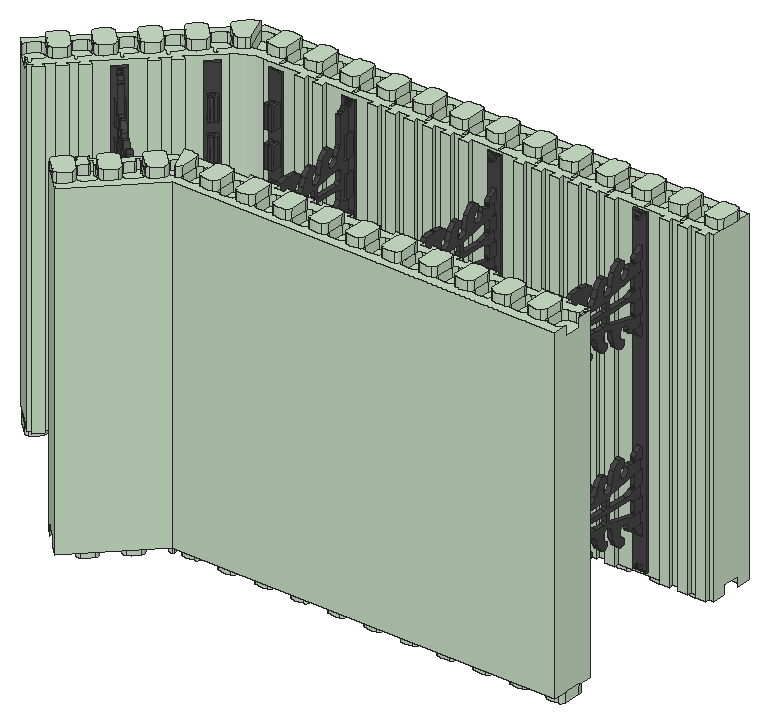
Revit family "ICF- NUDURA 8-inch- 45 Degree Form Unit- Imperial", category Generic Models, Revit 2011 (continued)
Definition of nested family "8-inch Web"
  Forms (in)
    Extrusion 1, solid, material "Polypropylene"
      sketch origin (0, 0, -0.5) x (0, 1, 0) y (0, 0, 1)
        loop
          arc (-0.06182, 12.38886) -> (-0.03091, 12.38893) -> (0, 12.38954) r 1.75402
          arc (0, 12.38954) -> (0.03091, 12.38893) -> (0.06182, 12.38886) r 1.75402
          arc (0.06182, 12.38886) -> (0.30102, 12.40366) -> (0.53596, 12.45092) r 1.75402
          arc (0.53596, 12.45092) -> (0.73529, 12.69795) -> (0.55907, 12.96196) r 0.26801
          arc (0.55907, 12.96196) -> (0.48493, 13.48968) -> (0.99061, 13.32155) r 0.31353
          line (0.99061, 13.32155) -> (1.13325, 12.93471)
          arc (1.13325, 12.93471) -> (1.27447, 12.72144) -> (1.47916, 12.56805) r 0.74993
          arc (1.47916, 12.56805) -> (1.7612, 12.66395) -> (1.68267, 12.95131) r 0.21738
          arc (1.68267, 12.95131) -> (1.64814, 13.4949) -> (2.13361, 13.24792) r 0.31353
          arc (2.13361, 13.24792) -> (2.18004, 12.92936) -> (2.26931, 12.62005) r 2.36477
          arc (2.26931, 12.62005) -> (2.42388, 12.38359) -> (2.66153, 12.23085) r 0.67666
          arc (2.66153, 12.23085) -> (2.94751, 12.3534) -> (2.82496, 12.63938) r 0.22
          arc (2.82496, 12.63938) -> (2.80729, 13.20461) -> (3.25886, 12.86419) r 0.31353
          arc (3.25886, 12.86419) -> (3.28181, 12.76256) -> (3.38367, 12.74066) r 0.09677
          arc (3.38367, 12.74066) -> (3.54907, 12.79485) -> (3.72137, 12.81946) r 0.99729
          line (3.72137, 12.81946) -> (3.83556, 12.81946) -> (3.83556, 12.74943) -> (3.77832, 12.74943)
          arc (3.77832, 12.74943) -> (3.73413, 12.73112) -> (3.71582, 12.68693) r 0.0625
          line (3.71582, 12.68693) -> (3.71582, 12.61943)
          arc (3.71582, 12.61943) -> (3.7617, 12.47509) -> (3.88249, 12.38373) r 0.25
          arc (3.88249, 12.38373) -> (4.01183, 12.31528) -> (4.11582, 12.21232) r 0.5
          line (4.11582, 12.21232) -> (4.185, 12.21232) -> (4.185, 12.81193)
          arc (4.185, 12.81193) -> (4.16669, 12.76774) -> (4.1225, 12.74943) r 0.0625
          line (4.1225, 12.74943) -> (3.91022, 12.74943) -> (3.91022, 12.81946) -> (4.02082, 12.81946) -> (4.02082, 13.31943) -> (3.91022, 13.31943) -> (3.91022, 13.38943) -> (4.1225, 13.38943)
          arc (4.1225, 13.38943) -> (4.16669, 13.37112) -> (4.185, 13.32693) r 0.0625
          line (4.185, 13.32693) -> (4.185, 14.11193)
          arc (4.185, 14.11193) -> (4.16669, 14.06774) -> (4.1225, 14.04943) r 0.0625
          line (4.1225, 14.04943) -> (3.91022, 14.04943) -> (3.91022, 14.11943) -> (4.02082, 14.11943) -> (4.02082, 14.61943) -> (3.91022, 14.61943) -> (3.91022, 14.68943) -> (4.1225, 14.68943)
          arc (4.1225, 14.68943) -> (4.16669, 14.67112) -> (4.185, 14.62693) r 0.0625
          line (4.185, 14.62693) -> (4.185, 15.41193)
          arc (4.185, 15.41193) -> (4.16669, 15.36774) -> (4.1225, 15.34943) r 0.0625
          line (4.1225, 15.34943) -> (3.91022, 15.34943) -> (3.91022, 15.41943) -> (4.02082, 15.41943)
        loop
          arc (3.61722, 14.5911) -> (3.66725, 14.61172) -> (3.72082, 14.61943) r 0.21872
          line (3.72082, 14.61943) -> (3.83556, 14.61943) -> (3.83556, 14.68943) -> (3.77832, 14.68943)
          arc (3.77832, 14.68943) -> (3.73413, 14.70774) -> (3.71582, 14.75193) r 0.0625
          line (3.71582, 14.75193) -> (3.71582, 15.28693)
          arc (3.71582, 15.28693) -> (3.73413, 15.33112) -> (3.77832, 15.34943) r 0.0625
          line (3.77832, 15.34943) -> (3.83556, 15.34943) -> (3.83556, 15.41943) -> (3.72082, 15.41943)
          arc (3.72082, 15.41943) -> (2.8612, 15.22018) -> (1.99577, 15.04787) r 28.25303
          arc (1.99577, 15.04787) -> (1.93696, 15.01354) -> (1.91377, 14.9495) r 0.1
          line (1.91377, 14.9495) -> (1.91377, 14.56474)
          arc (1.91377, 14.56474) -> (1.94303, 14.49405) -> (2.0137, 14.46474) r 0.1
          line (2.0137, 14.46474) -> (3.1681, 14.46396)
          arc (3.1681, 14.46396) -> (3.39912, 14.5047) -> (3.61722, 14.5911) r 1.15974
        loop
          line (3.72082, 13.31943) -> (3.83556, 13.31943) -> (3.83556, 13.38943) -> (3.77832, 13.38943)
          arc (3.77832, 13.38943) -> (3.73413, 13.40774) -> (3.71582, 13.45193) r 0.0625
          line (3.71582, 13.45193) -> (3.71582, 13.98693)
          arc (3.71582, 13.98693) -> (3.73413, 14.03112) -> (3.77832, 14.04943) r 0.0625
          line (3.77832, 14.04943) -> (3.83556, 14.04943) -> (3.83556, 14.11943) -> (3.72082, 14.11943)
          arc (3.72082, 14.11943) -> (3.66725, 14.12714) -> (3.61722, 14.14776) r 0.21872
          arc (3.61722, 14.14776) -> (3.39912, 14.23416) -> (3.1681, 14.2749) r 1.15974
          line (3.1681, 14.2749) -> (2.0137, 14.2749)
          arc (2.0137, 14.2749) -> (1.94303, 14.24481) -> (1.91377, 14.17412) r 0.1
          line (1.91377, 14.17412) -> (1.91377, 13.78936)
          arc (1.91377, 13.78936) -> (1.93696, 13.72532) -> (1.99577, 13.69099) r 0.1
          arc (1.99577, 13.69099) -> (2.8612, 13.51868) -> (3.72082, 13.31943) r 28.25303
        loop
          line (4.185, 18.01497) -> (4.185, 18.26376)
          arc (4.185, 18.26376) -> (4.18086, 18.24855) -> (4.16957, 18.23754) r 0.03
          line (4.16957, 18.23754) -> (4.00043, 18.14357)
          arc (4.00043, 18.14357) -> (3.98914, 18.13256) -> (3.985, 18.11735) r 0.03
          line (3.985, 18.11735) -> (3.985, 18.04614)
          arc (3.985, 18.04614) -> (3.99126, 18.03161) -> (4.00611, 18.02617) r 0.02
          line (4.00611, 18.02617) -> (4.16389, 18.03494)
          arc (4.16389, 18.03494) -> (4.17874, 18.0295) -> (4.185, 18.01497) r 0.02
        loop
          arc (-4.185, 18.01497) -> (-4.17874, 18.0295) -> (-4.16389, 18.03494) r 0.02
          line (-4.16389, 18.03494) -> (-4.00611, 18.02617)
          arc (-4.00611, 18.02617) -> (-3.99126, 18.03161) -> (-3.985, 18.04614) r 0.02
          line (-3.985, 18.04614) -> (-3.985, 18.11735)
          arc (-3.985, 18.11735) -> (-3.98914, 18.13256) -> (-4.00043, 18.14357) r 0.03
          line (-4.00043, 18.14357) -> (-4.16957, 18.23754)
          arc (-4.16957, 18.23754) -> (-4.18086, 18.24855) -> (-4.185, 18.26376) r 0.03
          line (-4.185, 18.26376) -> (-4.185, 18.01497)
        loop
          arc (1.64262, 14.9857) -> (1.3631, 14.94624) -> (1.0811, 14.93338) r 2.98393
          line (1.0811, 14.93338) -> (0.43422, 14.93338)
          arc (0.43422, 14.93338) -> (0.1999, 14.69906) -> (0.43422, 14.46474) r 0.23432
          line (0.43422, 14.46474) -> (1.66127, 14.46474)
          arc (1.66127, 14.46474) -> (1.73198, 14.49403) -> (1.76127, 14.56474) r 0.1
          line (1.76127, 14.56474) -> (1.76127, 14.88745)
          arc (1.76127, 14.88745) -> (1.72505, 14.96447) -> (1.64262, 14.9857) r 0.1
        loop
          arc (1.64262, 13.75316) -> (1.72505, 13.77439) -> (1.76127, 13.85141) r 0.1
          line (1.76127, 13.85141) -> (1.76127, 14.17412)
          arc (1.76127, 14.17412) -> (1.73198, 14.24483) -> (1.66127, 14.27412) r 0.1
          line (1.66127, 14.27412) -> (0.43422, 14.27412)
          arc (0.43422, 14.27412) -> (0.1999, 14.0398) -> (0.43422, 13.80548) r 0.23432
          line (0.43422, 13.80548) -> (1.0811, 13.80548)
          arc (1.0811, 13.80548) -> (1.3631, 13.79262) -> (1.64262, 13.75316) r 2.98393
        loop
          arc (-3.61722, 14.5911) -> (-3.39912, 14.5047) -> (-3.1681, 14.46396) r 1.15974
          line (-3.1681, 14.46396) -> (-2.0137, 14.46474)
          arc (-2.0137, 14.46474) -> (-1.94303, 14.49405) -> (-1.91377, 14.56474) r 0.1
          line (-1.91377, 14.56474) -> (-1.91377, 14.9495)
          arc (-1.91377, 14.9495) -> (-1.93696, 15.01354) -> (-1.99577, 15.04787) r 0.1
          arc (-1.99577, 15.04787) -> (-2.8612, 15.22018) -> (-3.72082, 15.41943) r 28.25303
          line (-3.72082, 15.41943) -> (-3.83556, 15.41943) -> (-3.83556, 15.34943) -> (-3.77832, 15.34943)
          arc (-3.77832, 15.34943) -> (-3.73413, 15.33112) -> (-3.71582, 15.28693) r 0.0625
          line (-3.71582, 15.28693) -> (-3.71582, 14.75193)
          arc (-3.71582, 14.75193) -> (-3.73413, 14.70774) -> (-3.77832, 14.68943) r 0.0625
          line (-3.77832, 14.68943) -> (-3.83556, 14.68943) -> (-3.83556, 14.61943) -> (-3.72082, 14.61943)
          arc (-3.72082, 14.61943) -> (-3.66725, 14.61172) -> (-3.61722, 14.5911) r 0.21872
        loop
          arc (-3.72082, 13.31943) -> (-2.8612, 13.51868) -> (-1.99577, 13.69099) r 28.25303
          arc (-1.99577, 13.69099) -> (-1.93696, 13.72532) -> (-1.91377, 13.78936) r 0.1
          line (-1.91377, 13.78936) -> (-1.91377, 14.17412)
          arc (-1.91377, 14.17412) -> (-1.94303, 14.24481) -> (-2.0137, 14.2749) r 0.1
          line (-2.0137, 14.2749) -> (-3.1681, 14.2749)
          arc (-3.1681, 14.2749) -> (-3.39912, 14.23416) -> (-3.61722, 14.14776) r 1.15974
          arc (-3.61722, 14.14776) -> (-3.66725, 14.12714) -> (-3.72082, 14.11943) r 0.21872
          line (-3.72082, 14.11943) -> (-3.83556, 14.11943) -> (-3.83556, 14.04943) -> (-3.77832, 14.04943)
          arc (-3.77832, 14.04943) -> (-3.73413, 14.03112) -> (-3.71582, 13.98693) r 0.0625
          line (-3.71582, 13.98693) -> (-3.71582, 13.45193)
          arc (-3.71582, 13.45193) -> (-3.73413, 13.40774) -> (-3.77832, 13.38943) r 0.0625
          line (-3.77832, 13.38943) -> (-3.83556, 13.38943) -> (-3.83556, 13.31943) -> (-3.72082, 13.31943)
        loop
          arc (-1.64262, 14.9857) -> (-1.72505, 14.96447) -> (-1.76127, 14.88745) r 0.1
          line (-1.76127, 14.88745) -> (-1.76127, 14.56474)
          arc (-1.76127, 14.56474) -> (-1.73198, 14.49403) -> (-1.66127, 14.46474) r 0.1
          line (-1.66127, 14.46474) -> (-0.43422, 14.46474)
          arc (-0.43422, 14.46474) -> (-0.1999, 14.69906) -> (-0.43422, 14.93338) r 0.23432
          line (-0.43422, 14.93338) -> (-1.0811, 14.93338)
          arc (-1.0811, 14.93338) -> (-1.3631, 14.94624) -> (-1.64262, 14.9857) r 2.98393
        loop
          arc (-1.64262, 13.75316) -> (-1.3631, 13.79262) -> (-1.0811, 13.80548) r 2.98393
          line (-1.0811, 13.80548) -> (-0.43422, 13.80548)
          arc (-0.43422, 13.80548) -> (-0.1999, 14.0398) -> (-0.43422, 14.27412) r 0.23432
          line (-0.43422, 14.27412) -> (-1.66127, 14.27412)
          arc (-1.66127, 14.27412) -> (-1.73198, 14.24483) -> (-1.76127, 14.17412) r 0.1
          line (-1.76127, 14.17412) -> (-1.76127, 13.85141)
          arc (-1.76127, 13.85141) -> (-1.72505, 13.77439) -> (-1.64262, 13.75316) r 0.1
        loop
          line (4.02082, 3.58057) -> (3.91022, 3.58057) -> (3.91022, 3.65057) -> (4.1225, 3.65057)
          arc (4.1225, 3.65057) -> (4.16669, 3.63226) -> (4.185, 3.58807) r 0.0625
          line (4.185, 3.58807) -> (4.185, 4.37307)
          arc (4.185, 4.37307) -> (4.16669, 4.32888) -> (4.1225, 4.31057) r 0.0625
          line (4.1225, 4.31057) -> (3.91022, 4.31057) -> (3.91022, 4.38057) -> (4.02082, 4.38057) -> (4.02082, 4.88057) -> (3.91022, 4.88057) -> (3.91022, 4.95057) -> (4.1225, 4.95057)
          arc (4.1225, 4.95057) -> (4.16669, 4.93226) -> (4.185, 4.88807) r 0.0625
          line (4.185, 4.88807) -> (4.185, 5.67307)
          arc (4.185, 5.67307) -> (4.16669, 5.62888) -> (4.1225, 5.61057) r 0.0625
          line (4.1225, 5.61057) -> (3.91022, 5.61057) -> (3.91022, 5.68057) -> (4.02082, 5.68057) -> (4.02082, 6.18054) -> (3.91022, 6.18054) -> (3.91022, 6.25057) -> (4.1225, 6.25057)
          arc (4.1225, 6.25057) -> (4.16669, 6.23226) -> (4.185, 6.18807) r 0.0625
          line (4.185, 6.18807) -> (4.185, 6.78768) -> (4.11582, 6.78768)
          arc (4.11582, 6.78768) -> (4.01183, 6.68472) -> (3.88249, 6.61627) r 0.5
          arc (3.88249, 6.61627) -> (3.7617, 6.52491) -> (3.71582, 6.38057) r 0.25
          line (3.71582, 6.38057) -> (3.71582, 6.31307)
          arc (3.71582, 6.31307) -> (3.73413, 6.26888) -> (3.77832, 6.25057) r 0.0625
          line (3.77832, 6.25057) -> (3.83556, 6.25057) -> (3.83556, 6.18054) -> (3.72137, 6.18054)
          arc (3.72137, 6.18054) -> (3.54907, 6.20515) -> (3.38367, 6.25934) r 0.99729
          arc (3.38367, 6.25934) -> (3.28181, 6.23744) -> (3.25886, 6.13581) r 0.09677
          arc (3.25886, 6.13581) -> (2.80729, 5.79539) -> (2.82496, 6.36062) r 0.31353
          arc (2.82496, 6.36062) -> (2.94751, 6.6466) -> (2.66153, 6.76915) r 0.22
          arc (2.66153, 6.76915) -> (2.42388, 6.61641) -> (2.26931, 6.37995) r 0.67666
          arc (2.26931, 6.37995) -> (2.18004, 6.07064) -> (2.13361, 5.75208) r 2.36477
          arc (2.13361, 5.75208) -> (1.64814, 5.5051) -> (1.68267, 6.04869) r 0.31353
          arc (1.68267, 6.04869) -> (1.7612, 6.33605) -> (1.47916, 6.43195) r 0.21738
          arc (1.47916, 6.43195) -> (1.27447, 6.27856) -> (1.13325, 6.06529) r 0.74993
          line (1.13325, 6.06529) -> (0.99061, 5.67845)
          arc (0.99061, 5.67845) -> (0.48493, 5.51032) -> (0.55907, 6.03804) r 0.31353
          arc (0.55907, 6.03804) -> (0.73529, 6.30205) -> (0.53596, 6.54908) r 0.26801
          arc (0.53596, 6.54908) -> (0.30102, 6.59634) -> (0.06182, 6.61114) r 1.75402
          arc (0.06182, 6.61114) -> (0.03091, 6.61107) -> (0, 6.61046) r 1.75402
          arc (0, 6.61046) -> (-0.03091, 6.61107) -> (-0.06182, 6.61114) r 1.75402
          arc (-0.06182, 6.61114) -> (-0.30102, 6.59634) -> (-0.53596, 6.54908) r 1.75402
          arc (-0.53596, 6.54908) -> (-0.73529, 6.30205) -> (-0.55907, 6.03804) r 0.26801
          arc (-0.55907, 6.03804) -> (-0.48493, 5.51032) -> (-0.99061, 5.67845) r 0.31353
          line (-0.99061, 5.67845) -> (-1.13325, 6.06529)
          arc (-1.13325, 6.06529) -> (-1.27447, 6.27856) -> (-1.47916, 6.43195) r 0.74993
          arc (-1.47916, 6.43195) -> (-1.7612, 6.33605) -> (-1.68267, 6.04869) r 0.21738
          arc (-1.68267, 6.04869) -> (-1.64814, 5.5051) -> (-2.13361, 5.75208) r 0.31353
          arc (-2.13361, 5.75208) -> (-2.18004, 6.07064) -> (-2.26931, 6.37995) r 2.36477
          arc (-2.26931, 6.37995) -> (-2.42388, 6.61641) -> (-2.66153, 6.76915) r 0.67666
          arc (-2.66153, 6.76915) -> (-2.94751, 6.6466) -> (-2.82496, 6.36062) r 0.22
          arc (-2.82496, 6.36062) -> (-2.80729, 5.79539) -> (-3.25886, 6.13581) r 0.31353
          arc (-3.25886, 6.13581) -> (-3.28181, 6.23744) -> (-3.38367, 6.25934) r 0.09677
          arc (-3.38367, 6.25934) -> (-3.54907, 6.20515) -> (-3.72137, 6.18054) r 0.99729
          line (-3.72137, 6.18054) -> (-3.83556, 6.18054) -> (-3.83556, 6.25057) -> (-3.77832, 6.25057)
          arc (-3.77832, 6.25057) -> (-3.73413, 6.26888) -> (-3.71582, 6.31307) r 0.0625
          line (-3.71582, 6.31307) -> (-3.71582, 6.38057)
          arc (-3.71582, 6.38057) -> (-3.7617, 6.52491) -> (-3.88249, 6.61627) r 0.25
          arc (-3.88249, 6.61627) -> (-4.01183, 6.68472) -> (-4.11582, 6.78768) r 0.5
          line (-4.11582, 6.78768) -> (-4.185, 6.78768) -> (-4.185, 6.18807)
          arc (-4.185, 6.18807) -> (-4.16669, 6.23226) -> (-4.1225, 6.25057) r 0.0625
          line (-4.1225, 6.25057) -> (-3.91022, 6.25057) -> (-3.91022, 6.18054) -> (-4.02082, 6.18054) -> (-4.02082, 5.68057) -> (-3.91022, 5.68057) -> (-3.91022, 5.61057) -> (-4.1225, 5.61057)
          arc (-4.1225, 5.61057) -> (-4.16669, 5.62888) -> (-4.185, 5.67307) r 0.0625
          line (-4.185, 5.67307) -> (-4.185, 4.88807)
          arc (-4.185, 4.88807) -> (-4.16669, 4.93226) -> (-4.1225, 4.95057) r 0.0625
          line (-4.1225, 4.95057) -> (-3.91022, 4.95057) -> (-3.91022, 4.88057) -> (-4.02082, 4.88057) -> (-4.02082, 4.38057) -> (-3.91022, 4.38057) -> (-3.91022, 4.31057) -> (-4.1225, 4.31057)
          arc (-4.1225, 4.31057) -> (-4.16669, 4.32888) -> (-4.185, 4.37307) r 0.0625
          line (-4.185, 4.37307) -> (-4.185, 3.58807)
          arc (-4.185, 3.58807) -> (-4.16669, 3.63226) -> (-4.1225, 3.65057) r 0.0625
          line (-4.1225, 3.65057) -> (-3.91022, 3.65057) -> (-3.91022, 3.58057) -> (-4.02082, 3.58057) -> (-4.02082, 3.0806) -> (-3.91022, 3.0806) -> (-3.91022, 3.01057) -> (-4.15332, 3.01057)
          arc (-4.15332, 3.01057) -> (-4.16974, 3.01276) -> (-4.185, 3.01919) r 0.0625
          line (-4.185, 3.01919) -> (-4.185, 2.3463)
          arc (-4.185, 2.3463) -> (-4.06705, 2.52933) -> (-3.88249, 2.64487) r 0.5
          arc (-3.88249, 2.64487) -> (-3.7617, 2.73623) -> (-3.71582, 2.88057) r 0.25
          line (-3.71582, 2.88057) -> (-3.71582, 2.94807)
          arc (-3.71582, 2.94807) -> (-3.73413, 2.99226) -> (-3.77832, 3.01057) r 0.0625
          line (-3.77832, 3.01057) -> (-3.83556, 3.01057) -> (-3.83556, 3.0806) -> (-3.72137, 3.0806)
          arc (-3.72137, 3.0806) -> (-3.54907, 3.05599) -> (-3.38367, 3.0018) r 0.99729
          arc (-3.38367, 3.0018) -> (-3.28181, 3.0237) -> (-3.25886, 3.12533) r 0.09677
          arc (-3.25886, 3.12533) -> (-2.80729, 3.46575) -> (-2.82496, 2.90052) r 0.31353
          arc (-2.82496, 2.90052) -> (-2.94751, 2.61454) -> (-2.66153, 2.49199) r 0.22
          arc (-2.66153, 2.49199) -> (-2.42388, 2.64473) -> (-2.26931, 2.88119) r 0.67666
          arc (-2.26931, 2.88119) -> (-2.18004, 3.1905) -> (-2.13361, 3.50906) r 2.36477
          arc (-2.13361, 3.50906) -> (-1.64814, 3.75604) -> (-1.68267, 3.21245) r 0.31353
          arc (-1.68267, 3.21245) -> (-1.7612, 2.92509) -> (-1.47916, 2.82919) r 0.21738
          arc (-1.47916, 2.82919) -> (-1.27447, 2.98258) -> (-1.13325, 3.19585) r 0.74993
          line (-1.13325, 3.19585) -> (-0.99061, 3.58269)
          arc (-0.99061, 3.58269) -> (-0.48493, 3.75082) -> (-0.55907, 3.2231) r 0.31353
          arc (-0.55907, 3.2231) -> (-0.73529, 2.95909) -> (-0.53596, 2.71206) r 0.26801
          arc (-0.53596, 2.71206) -> (-0.30102, 2.6648) -> (-0.06182, 2.65) r 1.75402
          arc (-0.06182, 2.65) -> (-0.03091, 2.65007) -> (0, 2.65068) r 1.75402
          arc (0, 2.65068) -> (0.03091, 2.65007) -> (0.06182, 2.65) r 1.75402
          arc (0.06182, 2.65) -> (0.30102, 2.6648) -> (0.53596, 2.71206) r 1.75402
          arc (0.53596, 2.71206) -> (0.73529, 2.95909) -> (0.55907, 3.2231) r 0.26801
          arc (0.55907, 3.2231) -> (0.48493, 3.75082) -> (0.99061, 3.58269) r 0.31353
          line (0.99061, 3.58269) -> (1.13325, 3.19585)
          arc (1.13325, 3.19585) -> (1.27447, 2.98258) -> (1.47916, 2.82919) r 0.74993
          arc (1.47916, 2.82919) -> (1.7612, 2.92509) -> (1.68267, 3.21245) r 0.21738
          arc (1.68267, 3.21245) -> (1.64814, 3.75604) -> (2.13361, 3.50906) r 0.31353
          arc (2.13361, 3.50906) -> (2.18004, 3.1905) -> (2.26931, 2.88119) r 2.36477
          arc (2.26931, 2.88119) -> (2.42388, 2.64473) -> (2.66153, 2.49199) r 0.67666
          arc (2.66153, 2.49199) -> (2.94751, 2.61454) -> (2.82496, 2.90052) r 0.22
          arc (2.82496, 2.90052) -> (2.80729, 3.46575) -> (3.25886, 3.12533) r 0.31353
          arc (3.25886, 3.12533) -> (3.28181, 3.0237) -> (3.38367, 3.0018) r 0.09677
          arc (3.38367, 3.0018) -> (3.54907, 3.05599) -> (3.72137, 3.0806) r 0.99729
          line (3.72137, 3.0806) -> (3.83556, 3.0806) -> (3.83556, 3.01057) -> (3.77832, 3.01057)
          arc (3.77832, 3.01057) -> (3.73413, 2.99226) -> (3.71582, 2.94807) r 0.0625
          line (3.71582, 2.94807) -> (3.71582, 2.88057)
          arc (3.71582, 2.88057) -> (3.7617, 2.73623) -> (3.88249, 2.64487) r 0.25
          arc (3.88249, 2.64487) -> (4.06705, 2.52933) -> (4.185, 2.3463) r 0.5
          line (4.185, 2.3463) -> (4.185, 3.01919)
          arc (4.185, 3.01919) -> (4.16974, 3.01276) -> (4.15332, 3.01057) r 0.0625
          line (4.15332, 3.01057) -> (3.91022, 3.01057) -> (3.91022, 3.0806) -> (4.02082, 3.0806) -> (4.02082, 3.58057)
        loop
          arc (3.61722, 4.4089) -> (3.39912, 4.4953) -> (3.1681, 4.53604) r 1.15974
          line (3.1681, 4.53604) -> (2.0137, 4.53526)
          arc (2.0137, 4.53526) -> (1.94303, 4.50595) -> (1.91377, 4.43526) r 0.1
          line (1.91377, 4.43526) -> (1.91377, 4.0505)
          arc (1.91377, 4.0505) -> (1.93696, 3.98646) -> (1.99577, 3.95213) r 0.1
          arc (1.99577, 3.95213) -> (2.8612, 3.77982) -> (3.72082, 3.58057) r 28.25303
          line (3.72082, 3.58057) -> (3.83556, 3.58057) -> (3.83556, 3.65057) -> (3.77832, 3.65057)
          arc (3.77832, 3.65057) -> (3.73413, 3.66888) -> (3.71582, 3.71307) r 0.0625
          line (3.71582, 3.71307) -> (3.71582, 4.24807)
          arc (3.71582, 4.24807) -> (3.73413, 4.29226) -> (3.77832, 4.31057) r 0.0625
          line (3.77832, 4.31057) -> (3.83556, 4.31057) -> (3.83556, 4.38057) -> (3.72082, 4.38057)
          arc (3.72082, 4.38057) -> (3.66725, 4.38828) -> (3.61722, 4.4089) r 0.21872
        loop
          arc (3.72082, 5.68057) -> (2.8612, 5.48132) -> (1.99577, 5.30901) r 28.25303
          arc (1.99577, 5.30901) -> (1.93696, 5.27468) -> (1.91377, 5.21064) r 0.1
          line (1.91377, 5.21064) -> (1.91377, 4.82588)
          arc (1.91377, 4.82588) -> (1.94303, 4.75519) -> (2.0137, 4.7251) r 0.1
          line (2.0137, 4.7251) -> (3.1681, 4.7251)
          arc (3.1681, 4.7251) -> (3.39912, 4.76584) -> (3.61722, 4.85224) r 1.15974
          arc (3.61722, 4.85224) -> (3.66725, 4.87286) -> (3.72082, 4.88057) r 0.21872
          line (3.72082, 4.88057) -> (3.83556, 4.88057) -> (3.83556, 4.95057) -> (3.77832, 4.95057)
          arc (3.77832, 4.95057) -> (3.73413, 4.96888) -> (3.71582, 5.01307) r 0.0625
          line (3.71582, 5.01307) -> (3.71582, 5.54807)
          arc (3.71582, 5.54807) -> (3.73413, 5.59226) -> (3.77832, 5.61057) r 0.0625
          line (3.77832, 5.61057) -> (3.83556, 5.61057) -> (3.83556, 5.68057) -> (3.72082, 5.68057)
        loop
          arc (1.64262, 4.0143) -> (1.72505, 4.03553) -> (1.76127, 4.11255) r 0.1
          line (1.76127, 4.11255) -> (1.76127, 4.43526)
          arc (1.76127, 4.43526) -> (1.73198, 4.50597) -> (1.66127, 4.53526) r 0.1
          line (1.66127, 4.53526) -> (0.43422, 4.53526)
          arc (0.43422, 4.53526) -> (0.1999, 4.30094) -> (0.43422, 4.06662) r 0.23432
          line (0.43422, 4.06662) -> (1.0811, 4.06662)
          arc (1.0811, 4.06662) -> (1.3631, 4.05376) -> (1.64262, 4.0143) r 2.98393
        loop
          arc (1.64262, 5.24684) -> (1.3631, 5.20738) -> (1.0811, 5.19452) r 2.98393
          line (1.0811, 5.19452) -> (0.43422, 5.19452)
          arc (0.43422, 5.19452) -> (0.1999, 4.9602) -> (0.43422, 4.72588) r 0.23432
          line (0.43422, 4.72588) -> (1.66127, 4.72588)
          arc (1.66127, 4.72588) -> (1.73198, 4.75517) -> (1.76127, 4.82588) r 0.1
          line (1.76127, 4.82588) -> (1.76127, 5.14859)
          arc (1.76127, 5.14859) -> (1.72505, 5.22561) -> (1.64262, 5.24684) r 0.1
        loop
          arc (-3.61722, 4.4089) -> (-3.66725, 4.38828) -> (-3.72082, 4.38057) r 0.21872
          line (-3.72082, 4.38057) -> (-3.83556, 4.38057) -> (-3.83556, 4.31057) -> (-3.77832, 4.31057)
          arc (-3.77832, 4.31057) -> (-3.73413, 4.29226) -> (-3.71582, 4.24807) r 0.0625
          line (-3.71582, 4.24807) -> (-3.71582, 3.71307)
          arc (-3.71582, 3.71307) -> (-3.73413, 3.66888) -> (-3.77832, 3.65057) r 0.0625
          line (-3.77832, 3.65057) -> (-3.83556, 3.65057) -> (-3.83556, 3.58057) -> (-3.72082, 3.58057)
          arc (-3.72082, 3.58057) -> (-2.8612, 3.77982) -> (-1.99577, 3.95213) r 28.25303
          arc (-1.99577, 3.95213) -> (-1.93696, 3.98646) -> (-1.91377, 4.0505) r 0.1
          line (-1.91377, 4.0505) -> (-1.91377, 4.43526)
          arc (-1.91377, 4.43526) -> (-1.94303, 4.50595) -> (-2.0137, 4.53526) r 0.1
          line (-2.0137, 4.53526) -> (-3.1681, 4.53604)
          arc (-3.1681, 4.53604) -> (-3.39912, 4.4953) -> (-3.61722, 4.4089) r 1.15974
        loop
          line (-3.72082, 5.68057) -> (-3.83556, 5.68057) -> (-3.83556, 5.61057) -> (-3.77832, 5.61057)
          arc (-3.77832, 5.61057) -> (-3.73413, 5.59226) -> (-3.71582, 5.54807) r 0.0625
          line (-3.71582, 5.54807) -> (-3.71582, 5.01307)
          arc (-3.71582, 5.01307) -> (-3.73413, 4.96888) -> (-3.77832, 4.95057) r 0.0625
          line (-3.77832, 4.95057) -> (-3.83556, 4.95057) -> (-3.83556, 4.88057) -> (-3.72082, 4.88057)
          arc (-3.72082, 4.88057) -> (-3.66725, 4.87286) -> (-3.61722, 4.85224) r 0.21872
          arc (-3.61722, 4.85224) -> (-3.39912, 4.76584) -> (-3.1681, 4.7251) r 1.15974
          line (-3.1681, 4.7251) -> (-2.0137, 4.7251)
          arc (-2.0137, 4.7251) -> (-1.94303, 4.75519) -> (-1.91377, 4.82588) r 0.1
          line (-1.91377, 4.82588) -> (-1.91377, 5.21064)
          arc (-1.91377, 5.21064) -> (-1.93696, 5.27468) -> (-1.99577, 5.30901) r 0.1
          arc (-1.99577, 5.30901) -> (-2.8612, 5.48132) -> (-3.72082, 5.68057) r 28.25303
        loop
          arc (-1.64262, 4.0143) -> (-1.3631, 4.05376) -> (-1.0811, 4.06662) r 2.98393
          line (-1.0811, 4.06662) -> (-0.43422, 4.06662)
          arc (-0.43422, 4.06662) -> (-0.1999, 4.30094) -> (-0.43422, 4.53526) r 0.23432
          line (-0.43422, 4.53526) -> (-1.66127, 4.53526)
          arc (-1.66127, 4.53526) -> (-1.73198, 4.50597) -> (-1.76127, 4.43526) r 0.1
          line (-1.76127, 4.43526) -> (-1.76127, 4.11255)
          arc (-1.76127, 4.11255) -> (-1.72505, 4.03553) -> (-1.64262, 4.0143) r 0.1
        loop
          arc (-1.64262, 5.24684) -> (-1.72505, 5.22561) -> (-1.76127, 5.14859) r 0.1
          line (-1.76127, 5.14859) -> (-1.76127, 4.82588)
          arc (-1.76127, 4.82588) -> (-1.73198, 4.75517) -> (-1.66127, 4.72588) r 0.1
          line (-1.66127, 4.72588) -> (-0.43422, 4.72588)
          arc (-0.43422, 4.72588) -> (-0.1999, 4.9602) -> (-0.43422, 5.19452) r 0.23432
          line (-0.43422, 5.19452) -> (-1.0811, 5.19452)
          arc (-1.0811, 5.19452) -> (-1.3631, 5.20738) -> (-1.64262, 5.24684) r 2.98393
      from -0.125 to 0.125
    Extrusion 2, solid, material "Polypropylene"
      sketch origin (0, 0, 0) x (0, 1, 0) y (0, 0, 1)
        loop
          line (4.185, 17.8125) -> (4.185, 0.1875)
          arc (4.185, 0.1875) -> (4.2042, 0.14243) -> (4.25, 0.12505) r 0.0625
          arc (4.25, 0.12505) -> (4.2958, 0.14243) -> (4.315, 0.1875) r 0.0625
          line (4.315, 0.1875) -> (4.315, 17.8125)
          arc (4.315, 17.8125) -> (4.2958, 17.85757) -> (4.25, 17.87495) r 0.0625
          arc (4.25, 17.87495) -> (4.2042, 17.85757) -> (4.185, 17.8125) r 0.0625
        loop
          arc (-4.185, 17.8125) -> (-4.2042, 17.85757) -> (-4.25, 17.87495) r 0.0625
          arc (-4.25, 17.87495) -> (-4.2958, 17.85757) -> (-4.315, 17.8125) r 0.0625
          line (-4.315, 17.8125) -> (-4.315, 0.1875)
          arc (-4.315, 0.1875) -> (-4.2958, 0.14243) -> (-4.25, 0.12505) r 0.0625
          arc (-4.25, 0.12505) -> (-4.2042, 0.14243) -> (-4.185, 0.1875) r 0.0625
          line (-4.185, 0.1875) -> (-4.185, 17.8125)
      from -0.36328 to 0.36328
Definition of nested family "8-inch Insert Web"
  Reference planes (in)
    plane 1 "Center (Front/Back)": y = 0
    plane 2: z = 0
    plane 3 "Center (Left/Right)": x = 0
  Forms (in)
    Extrusion 1, solid, material "High Density Polystyrene"
      sketch origin (0, 0, 0) x (0, 1, 0) y (0, 0, 1)
        loop
          line (4.25, 0) -> (4.25, 17.74583)
          arc (4.25, 17.74583) -> (4.22112, 17.72608) -> (4.21, 17.69292) r 0.055
          line (4.21, 17.69292) -> (4.21, 0.05292)
          arc (4.21, 0.05292) -> (4.22112, 0.01975) -> (4.25, 0) r 0.055
        loop
          arc (-4.25, 0) -> (-4.22112, 0.01975) -> (-4.21, 0.05292) r 0.055
          line (-4.21, 0.05292) -> (-4.21, 17.69292)
          arc (-4.21, 17.69292) -> (-4.22112, 17.72608) -> (-4.25, 17.74583) r 0.055
          line (-4.25, 17.74583) -> (-4.25, 0)
      from 0.36328 to -0.36328
    Extrusion 2, solid, material "High Density Polystyrene"
      sketch origin (0, 0, 0) x (0, 1, 0) y (0, 0, 1)
        loop
          line (-4.12543, 17.57204) -> (-4.19457, 17.61045)
          arc (-4.19457, 17.61045) -> (-4.20585, 17.62147) -> (-4.21, 17.63668) r 0.03
          line (-4.21, 17.63668) -> (-4.21, 17.38789)
          arc (-4.21, 17.38789) -> (-4.20374, 17.40241) -> (-4.18889, 17.40785) r 0.02
          line (-4.18889, 17.40785) -> (-4.13111, 17.40464)
          arc (-4.13111, 17.40464) -> (-4.11625, 17.41008) -> (-4.11, 17.42461) r 0.02
          line (-4.11, 17.42461) -> (-4.11, 17.54582)
          arc (-4.11, 17.54582) -> (-4.11414, 17.56103) -> (-4.12543, 17.57204) r 0.03
        loop
          line (-3.5, 17.20772) -> (-3.6, 17.20772) -> (-3.6, 17.2388)
          arc (-3.6, 17.2388) -> (-3.61433, 17.27339) -> (-3.64893, 17.28772) r 0.04893
          line (-3.64893, 17.28772) -> (-3.77609, 17.28772) -> (-3.825, 17.43772)
          arc (-3.825, 17.43772) -> (-3.875, 17.46772) -> (-3.925, 17.43772) r 0.05667
          line (-3.925, 17.43772) -> (-4, 17.20772) -> (-4, 0.53811) -> (-3.925, 0.30811)
          arc (-3.925, 0.30811) -> (-3.875, 0.27811) -> (-3.825, 0.30811) r 0.05667
          line (-3.825, 0.30811) -> (-3.77609, 0.45811) -> (-3.64893, 0.45811)
          arc (-3.64893, 0.45811) -> (-3.61433, 0.47244) -> (-3.6, 0.50703) r 0.04893
          line (-3.6, 0.50703) -> (-3.6, 0.53811) -> (-3.5, 0.53811) -> (-3.5, 1.98988)
          arc (-3.5, 1.98988) -> (-3.48945, 2.05625) -> (-3.45885, 2.11607) r 0.21407
          arc (-3.45885, 2.11607) -> (-3.34445, 2.29893) -> (-3.25724, 2.49621) r 1.51187
          arc (-3.25724, 2.49621) -> (-2.80567, 2.83663) -> (-2.82334, 2.2714) r 0.31353
          arc (-2.82334, 2.2714) -> (-2.94589, 1.98542) -> (-2.65991, 1.86287) r 0.22
          arc (-2.65991, 1.86287) -> (-2.42226, 2.01561) -> (-2.26768, 2.25208) r 0.67666
          arc (-2.26768, 2.25208) -> (-2.17842, 2.56138) -> (-2.13199, 2.87994) r 2.36477
          arc (-2.13199, 2.87994) -> (-1.64652, 3.12692) -> (-1.68105, 2.58333) r 0.31353
          arc (-1.68105, 2.58333) -> (-1.75958, 2.29597) -> (-1.47754, 2.20007) r 0.21738
          arc (-1.47754, 2.20007) -> (-1.27285, 2.35346) -> (-1.13163, 2.56673) r 0.74993
          line (-1.13163, 2.56673) -> (-0.98899, 2.95357)
          arc (-0.98899, 2.95357) -> (-0.48331, 3.1217) -> (-0.55745, 2.59398) r 0.31353
          arc (-0.55745, 2.59398) -> (-0.73367, 2.32998) -> (-0.53434, 2.08295) r 0.26801
          arc (-0.53434, 2.08295) -> (-0.26951, 2.03203) -> (0, 2.02231) r 1.75402
          arc (0, 2.02231) -> (0.26951, 2.03203) -> (0.53434, 2.08295) r 1.75402
          arc (0.53434, 2.08295) -> (0.73367, 2.32998) -> (0.55745, 2.59398) r 0.26801
          arc (0.55745, 2.59398) -> (0.48331, 3.1217) -> (0.98899, 2.95357) r 0.31353
          line (0.98899, 2.95357) -> (1.13163, 2.56673)
          arc (1.13163, 2.56673) -> (1.27285, 2.35346) -> (1.47754, 2.20007) r 0.74993
          arc (1.47754, 2.20007) -> (1.75958, 2.29597) -> (1.68105, 2.58333) r 0.21738
          arc (1.68105, 2.58333) -> (1.64652, 3.12692) -> (2.13199, 2.87994) r 0.31353
          arc (2.13199, 2.87994) -> (2.17842, 2.56138) -> (2.26768, 2.25208) r 2.36477
          arc (2.26768, 2.25208) -> (2.42226, 2.01561) -> (2.65991, 1.86287) r 0.67666
          arc (2.65991, 1.86287) -> (2.94589, 1.98542) -> (2.82334, 2.2714) r 0.22
          arc (2.82334, 2.2714) -> (2.80567, 2.83663) -> (3.25724, 2.49621) r 0.31353
          arc (3.25724, 2.49621) -> (3.34445, 2.29893) -> (3.45885, 2.11607) r 1.51187
          arc (3.45885, 2.11607) -> (3.48945, 2.05625) -> (3.5, 1.98988) r 0.21407
          line (3.5, 1.98988) -> (3.5, 0.53811) -> (3.6, 0.53811) -> (3.6, 0.50703)
          arc (3.6, 0.50703) -> (3.61433, 0.47244) -> (3.64893, 0.45811) r 0.04893
          line (3.64893, 0.45811) -> (3.77609, 0.45811) -> (3.825, 0.30811)
          arc (3.825, 0.30811) -> (3.875, 0.27811) -> (3.925, 0.30811) r 0.05667
          line (3.925, 0.30811) -> (4, 0.53811) -> (4, 17.20772) -> (3.925, 17.43772)
          arc (3.925, 17.43772) -> (3.875, 17.46772) -> (3.825, 17.43772) r 0.05667
          line (3.825, 17.43772) -> (3.77609, 17.28772) -> (3.64893, 17.28772)
          arc (3.64893, 17.28772) -> (3.61433, 17.27339) -> (3.6, 17.2388) r 0.04893
          line (3.6, 17.2388) -> (3.6, 17.20772) -> (3.5, 17.20772) -> (3.5, 15.75595)
          arc (3.5, 15.75595) -> (3.48945, 15.68959) -> (3.45885, 15.62976) r 0.21407
          arc (3.45885, 15.62976) -> (3.34445, 15.4469) -> (3.25724, 15.24962) r 1.51187
          arc (3.25724, 15.24962) -> (2.80567, 14.9092) -> (2.82334, 15.47443) r 0.31353
          arc (2.82334, 15.47443) -> (2.94589, 15.76041) -> (2.65991, 15.88296) r 0.22
          arc (2.65991, 15.88296) -> (2.42226, 15.73022) -> (2.26768, 15.49376) r 0.67666
          arc (2.26768, 15.49376) -> (2.17842, 15.18445) -> (2.13199, 14.86589) r 2.36477
          arc (2.13199, 14.86589) -> (1.64652, 14.61891) -> (1.68105, 15.1625) r 0.31353
          arc (1.68105, 15.1625) -> (1.75958, 15.44986) -> (1.47754, 15.54576) r 0.21738
          arc (1.47754, 15.54576) -> (1.27285, 15.39237) -> (1.13163, 15.1791) r 0.74993
          line (1.13163, 15.1791) -> (0.98899, 14.79226)
          arc (0.98899, 14.79226) -> (0.48331, 14.62413) -> (0.55745, 15.15185) r 0.31353
          arc (0.55745, 15.15185) -> (0.73367, 15.41586) -> (0.53434, 15.66289) r 0.26801
          arc (0.53434, 15.66289) -> (0.26951, 15.7138) -> (0, 15.72352) r 1.75402
          arc (0, 15.72352) -> (-0.26951, 15.7138) -> (-0.53434, 15.66289) r 1.75402
          arc (-0.53434, 15.66289) -> (-0.73367, 15.41586) -> (-0.55745, 15.15185) r 0.26801
          arc (-0.55745, 15.15185) -> (-0.48331, 14.62413) -> (-0.98899, 14.79226) r 0.31353
          line (-0.98899, 14.79226) -> (-1.13163, 15.1791)
          arc (-1.13163, 15.1791) -> (-1.27285, 15.39237) -> (-1.47754, 15.54576) r 0.74993
          arc (-1.47754, 15.54576) -> (-1.75958, 15.44986) -> (-1.68105, 15.1625) r 0.21738
          arc (-1.68105, 15.1625) -> (-1.64652, 14.61891) -> (-2.13199, 14.86589) r 0.31353
          arc (-2.13199, 14.86589) -> (-2.17842, 15.18445) -> (-2.26768, 15.49376) r 2.36477
          arc (-2.26768, 15.49376) -> (-2.42226, 15.73022) -> (-2.65991, 15.88296) r 0.67666
          arc (-2.65991, 15.88296) -> (-2.94589, 15.76041) -> (-2.82334, 15.47443) r 0.22
          arc (-2.82334, 15.47443) -> (-2.80567, 14.9092) -> (-3.25724, 15.24962) r 0.31353
          arc (-3.25724, 15.24962) -> (-3.34445, 15.4469) -> (-3.45885, 15.62976) r 1.51187
          arc (-3.45885, 15.62976) -> (-3.48945, 15.68959) -> (-3.5, 15.75595) r 0.21407
          line (-3.5, 15.75595) -> (-3.5, 17.20772)
        loop
          line (-0.4326, 14.30833) -> (-1.07948, 14.30833)
          arc (-1.07948, 14.30833) -> (-1.36148, 14.32119) -> (-1.641, 14.36065) r 2.98393
          arc (-1.641, 14.36065) -> (-1.72343, 14.33942) -> (-1.75965, 14.2624) r 0.1
          line (-1.75965, 14.2624) -> (-1.75965, 13.93969)
          arc (-1.75965, 13.93969) -> (-1.73036, 13.86898) -> (-1.65965, 13.83969) r 0.1
          line (-1.65965, 13.83969) -> (-0.4326, 13.83969)
          arc (-0.4326, 13.83969) -> (-0.19828, 14.07401) -> (-0.4326, 14.30833) r 0.23432
        loop
          arc (-3.26707, 14.68606) -> (-3.43178, 14.61783) -> (-3.5, 14.45313) r 0.23293
          line (-3.5, 14.45313) -> (-3.5, 13.99143)
          arc (-3.5, 13.99143) -> (-3.45556, 13.88413) -> (-3.34826, 13.83969) r 0.15174
          line (-3.34826, 13.83969) -> (-2.01208, 13.83969)
          arc (-2.01208, 13.83969) -> (-1.94141, 13.869) -> (-1.91215, 13.93969) r 0.1
          line (-1.91215, 13.93969) -> (-1.91215, 14.32445)
          arc (-1.91215, 14.32445) -> (-1.93534, 14.38849) -> (-1.99415, 14.42282) r 0.1
          arc (-1.99415, 14.42282) -> (-2.63213, 14.54712) -> (-3.26707, 14.68606) r 28.25303
        loop
          arc (-2.82334, 12.01745) -> (-2.80567, 12.58268) -> (-3.25724, 12.24227) r 0.31353
          arc (-3.25724, 12.24227) -> (-3.34445, 12.04498) -> (-3.45885, 11.86212) r 1.51187
          arc (-3.45885, 11.86212) -> (-3.48945, 11.8023) -> (-3.5, 11.73593) r 0.21407
          line (-3.5, 11.73593) -> (-3.5, 6.0099)
          arc (-3.5, 6.0099) -> (-3.48945, 5.94354) -> (-3.45885, 5.88371) r 0.21407
          arc (-3.45885, 5.88371) -> (-3.34445, 5.70085) -> (-3.25724, 5.50357) r 1.51187
          arc (-3.25724, 5.50357) -> (-2.80567, 5.16315) -> (-2.82334, 5.72838) r 0.31353
          arc (-2.82334, 5.72838) -> (-2.94589, 6.01436) -> (-2.65991, 6.13691) r 0.22
          arc (-2.65991, 6.13691) -> (-2.42226, 5.98417) -> (-2.26768, 5.74771) r 0.67666
          arc (-2.26768, 5.74771) -> (-2.17842, 5.4384) -> (-2.13199, 5.11984) r 2.36477
          arc (-2.13199, 5.11984) -> (-1.64652, 4.87286) -> (-1.68105, 5.41645) r 0.31353
          arc (-1.68105, 5.41645) -> (-1.75958, 5.70381) -> (-1.47754, 5.79971) r 0.21738
          arc (-1.47754, 5.79971) -> (-1.27285, 5.64632) -> (-1.13163, 5.43305) r 0.74993
          line (-1.13163, 5.43305) -> (-0.98899, 5.04621)
          arc (-0.98899, 5.04621) -> (-0.48331, 4.87808) -> (-0.55745, 5.4058) r 0.31353
          arc (-0.55745, 5.4058) -> (-0.73367, 5.66981) -> (-0.53434, 5.91684) r 0.26801
          arc (-0.53434, 5.91684) -> (-0.26951, 5.96775) -> (0, 5.97747) r 1.75402
          arc (0, 5.97747) -> (0.26951, 5.96775) -> (0.53434, 5.91684) r 1.75402
          arc (0.53434, 5.91684) -> (0.73367, 5.66981) -> (0.55745, 5.4058) r 0.26801
          arc (0.55745, 5.4058) -> (0.48331, 4.87808) -> (0.98899, 5.04621) r 0.31353
          line (0.98899, 5.04621) -> (1.13163, 5.43305)
          arc (1.13163, 5.43305) -> (1.27285, 5.64632) -> (1.47754, 5.79971) r 0.74993
          arc (1.47754, 5.79971) -> (1.75958, 5.70381) -> (1.68105, 5.41645) r 0.21738
          arc (1.68105, 5.41645) -> (1.64652, 4.87286) -> (2.13199, 5.11984) r 0.31353
          arc (2.13199, 5.11984) -> (2.17842, 5.4384) -> (2.26768, 5.74771) r 2.36477
          arc (2.26768, 5.74771) -> (2.42226, 5.98417) -> (2.65991, 6.13691) r 0.67666
          arc (2.65991, 6.13691) -> (2.94589, 6.01436) -> (2.82334, 5.72838) r 0.22
          arc (2.82334, 5.72838) -> (2.80567, 5.16315) -> (3.25724, 5.50357) r 0.31353
          arc (3.25724, 5.50357) -> (3.34445, 5.70085) -> (3.45885, 5.88371) r 1.51187
          arc (3.45885, 5.88371) -> (3.48945, 5.94354) -> (3.5, 6.0099) r 0.21407
          line (3.5, 6.0099) -> (3.5, 11.73593)
          arc (3.5, 11.73593) -> (3.48945, 11.8023) -> (3.45885, 11.86212) r 0.21407
          arc (3.45885, 11.86212) -> (3.34445, 12.04498) -> (3.25724, 12.24227) r 1.51187
          arc (3.25724, 12.24227) -> (2.80567, 12.58268) -> (2.82334, 12.01745) r 0.31353
          arc (2.82334, 12.01745) -> (2.94589, 11.73147) -> (2.65991, 11.60892) r 0.22
          arc (2.65991, 11.60892) -> (2.42226, 11.76166) -> (2.26768, 11.99813) r 0.67666
          arc (2.26768, 11.99813) -> (2.17842, 12.30743) -> (2.13199, 12.62599) r 2.36477
          arc (2.13199, 12.62599) -> (1.64652, 12.87297) -> (1.68105, 12.32938) r 0.31353
          arc (1.68105, 12.32938) -> (1.75958, 12.04202) -> (1.47754, 11.94612) r 0.21738
          arc (1.47754, 11.94612) -> (1.27285, 12.09952) -> (1.13163, 12.31278) r 0.74993
          line (1.13163, 12.31278) -> (0.98899, 12.69962)
          arc (0.98899, 12.69962) -> (0.48331, 12.86775) -> (0.55745, 12.34003) r 0.31353
          arc (0.55745, 12.34003) -> (0.73367, 12.07603) -> (0.53434, 11.829) r 0.26801
          arc (0.53434, 11.829) -> (0.26951, 11.77808) -> (0, 11.76836) r 1.75402
          arc (0, 11.76836) -> (-0.26951, 11.77808) -> (-0.53434, 11.829) r 1.75402
          arc (-0.53434, 11.829) -> (-0.73367, 12.07603) -> (-0.55745, 12.34003) r 0.26801
          arc (-0.55745, 12.34003) -> (-0.48331, 12.86775) -> (-0.98899, 12.69962) r 0.31353
          line (-0.98899, 12.69962) -> (-1.13163, 12.31278)
          arc (-1.13163, 12.31278) -> (-1.27285, 12.09952) -> (-1.47754, 11.94612) r 0.74993
          arc (-1.47754, 11.94612) -> (-1.75958, 12.04202) -> (-1.68105, 12.32938) r 0.21738
          arc (-1.68105, 12.32938) -> (-1.64652, 12.87297) -> (-2.13199, 12.62599) r 0.31353
          arc (-2.13199, 12.62599) -> (-2.17842, 12.30743) -> (-2.26768, 11.99813) r 2.36477
          arc (-2.26768, 11.99813) -> (-2.42226, 11.76166) -> (-2.65991, 11.60892) r 0.67666
          arc (-2.65991, 11.60892) -> (-2.94589, 11.73147) -> (-2.82334, 12.01745) r 0.22
        loop
          arc (-0.4326, 13.18355) -> (-0.19828, 13.41787) -> (-0.4326, 13.65219) r 0.23432
          line (-0.4326, 13.65219) -> (-1.65965, 13.65219)
          arc (-1.65965, 13.65219) -> (-1.73036, 13.6229) -> (-1.75965, 13.55219) r 0.1
          line (-1.75965, 13.55219) -> (-1.75965, 13.22948)
          arc (-1.75965, 13.22948) -> (-1.72343, 13.15246) -> (-1.641, 13.13124) r 0.1
          arc (-1.641, 13.13124) -> (-1.36148, 13.17069) -> (-1.07948, 13.18355) r 2.98393
          line (-1.07948, 13.18355) -> (-0.4326, 13.18355)
        loop
          arc (-3.26707, 12.80583) -> (-2.63213, 12.94476) -> (-1.99415, 13.06906) r 28.25303
          arc (-1.99415, 13.06906) -> (-1.93534, 13.10339) -> (-1.91215, 13.16743) r 0.1
          line (-1.91215, 13.16743) -> (-1.91215, 13.55219)
          arc (-1.91215, 13.55219) -> (-1.94141, 13.62288) -> (-2.01208, 13.65219) r 0.1
          line (-2.01208, 13.65219) -> (-3.34826, 13.65219)
          arc (-3.34826, 13.65219) -> (-3.45556, 13.60775) -> (-3.5, 13.50045) r 0.15174
          line (-3.5, 13.50045) -> (-3.5, 13.03875)
          arc (-3.5, 13.03875) -> (-3.43178, 12.87405) -> (-3.26707, 12.80583) r 0.23293
        loop
          arc (-4.12543, 0.17379) -> (-4.11414, 0.1848) -> (-4.11, 0.20001) r 0.03
          line (-4.11, 0.20001) -> (-4.11, 0.32122)
          arc (-4.11, 0.32122) -> (-4.11625, 0.33575) -> (-4.13111, 0.34119) r 0.02
          line (-4.13111, 0.34119) -> (-4.18889, 0.33798)
          arc (-4.18889, 0.33798) -> (-4.20374, 0.34342) -> (-4.21, 0.35795) r 0.02
          line (-4.21, 0.35795) -> (-4.21, 0.10915)
          arc (-4.21, 0.10915) -> (-4.20585, 0.12437) -> (-4.19457, 0.13538) r 0.03
          line (-4.19457, 0.13538) -> (-4.12543, 0.17379)
        loop
          arc (-0.4326, 3.4375) -> (-0.19828, 3.67182) -> (-0.4326, 3.90614) r 0.23432
          line (-0.4326, 3.90614) -> (-1.65965, 3.90614)
          arc (-1.65965, 3.90614) -> (-1.73036, 3.87685) -> (-1.75965, 3.80614) r 0.1
          line (-1.75965, 3.80614) -> (-1.75965, 3.48343)
          arc (-1.75965, 3.48343) -> (-1.72343, 3.40641) -> (-1.641, 3.38519) r 0.1
          arc (-1.641, 3.38519) -> (-1.36148, 3.42464) -> (-1.07948, 3.4375) r 2.98393
          line (-1.07948, 3.4375) -> (-0.4326, 3.4375)
        loop
          arc (-3.26707, 3.05978) -> (-2.63213, 3.19871) -> (-1.99415, 3.32301) r 28.25303
          arc (-1.99415, 3.32301) -> (-1.93534, 3.35734) -> (-1.91215, 3.42138) r 0.1
          line (-1.91215, 3.42138) -> (-1.91215, 3.80614)
          arc (-1.91215, 3.80614) -> (-1.94141, 3.87683) -> (-2.01208, 3.90614) r 0.1
          line (-2.01208, 3.90614) -> (-3.34826, 3.90614)
          arc (-3.34826, 3.90614) -> (-3.45556, 3.8617) -> (-3.5, 3.7544) r 0.15174
          line (-3.5, 3.7544) -> (-3.5, 3.2927)
          arc (-3.5, 3.2927) -> (-3.43178, 3.128) -> (-3.26707, 3.05978) r 0.23293
        loop
          line (-0.4326, 4.56228) -> (-1.07948, 4.56228)
          arc (-1.07948, 4.56228) -> (-1.36148, 4.57514) -> (-1.641, 4.6146) r 2.98393
          arc (-1.641, 4.6146) -> (-1.72343, 4.59337) -> (-1.75965, 4.51635) r 0.1
          line (-1.75965, 4.51635) -> (-1.75965, 4.19364)
          arc (-1.75965, 4.19364) -> (-1.73036, 4.12293) -> (-1.65965, 4.09364) r 0.1
          line (-1.65965, 4.09364) -> (-0.4326, 4.09364)
          arc (-0.4326, 4.09364) -> (-0.19828, 4.32796) -> (-0.4326, 4.56228) r 0.23432
        loop
          arc (-3.26707, 4.94001) -> (-3.43178, 4.87178) -> (-3.5, 4.70708) r 0.23293
          line (-3.5, 4.70708) -> (-3.5, 4.24538)
          arc (-3.5, 4.24538) -> (-3.45556, 4.13808) -> (-3.34826, 4.09364) r 0.15174
          line (-3.34826, 4.09364) -> (-2.01208, 4.09364)
          arc (-2.01208, 4.09364) -> (-1.94141, 4.12295) -> (-1.91215, 4.19364) r 0.1
          line (-1.91215, 4.19364) -> (-1.91215, 4.5784)
          arc (-1.91215, 4.5784) -> (-1.93534, 4.64244) -> (-1.99415, 4.67677) r 0.1
          arc (-1.99415, 4.67677) -> (-2.63213, 4.80107) -> (-3.26707, 4.94001) r 28.25303
        loop
          arc (4.12543, 17.57204) -> (4.11414, 17.56103) -> (4.11, 17.54582) r 0.03
          line (4.11, 17.54582) -> (4.11, 17.42461)
          arc (4.11, 17.42461) -> (4.11625, 17.41008) -> (4.13111, 17.40464) r 0.02
          line (4.13111, 17.40464) -> (4.18889, 17.40785)
          arc (4.18889, 17.40785) -> (4.20374, 17.40241) -> (4.21, 17.38789) r 0.02
          line (4.21, 17.38789) -> (4.21, 17.63668)
          arc (4.21, 17.63668) -> (4.20585, 17.62147) -> (4.19457, 17.61045) r 0.03
          line (4.19457, 17.61045) -> (4.12543, 17.57204)
        loop
          arc (0.4326, 14.30833) -> (0.19828, 14.07401) -> (0.4326, 13.83969) r 0.23432
          line (0.4326, 13.83969) -> (1.65965, 13.83969)
          arc (1.65965, 13.83969) -> (1.73036, 13.86898) -> (1.75965, 13.93969) r 0.1
          line (1.75965, 13.93969) -> (1.75965, 14.2624)
          arc (1.75965, 14.2624) -> (1.72343, 14.33942) -> (1.641, 14.36065) r 0.1
          arc (1.641, 14.36065) -> (1.36148, 14.32119) -> (1.07948, 14.30833) r 2.98393
          line (1.07948, 14.30833) -> (0.4326, 14.30833)
        loop
          arc (3.26707, 14.68606) -> (2.63213, 14.54712) -> (1.99415, 14.42282) r 28.25303
          arc (1.99415, 14.42282) -> (1.93534, 14.38849) -> (1.91215, 14.32445) r 0.1
          line (1.91215, 14.32445) -> (1.91215, 13.93969)
          arc (1.91215, 13.93969) -> (1.94141, 13.869) -> (2.01208, 13.83969) r 0.1
          line (2.01208, 13.83969) -> (3.34826, 13.83969)
          arc (3.34826, 13.83969) -> (3.45556, 13.88413) -> (3.5, 13.99143) r 0.15174
          line (3.5, 13.99143) -> (3.5, 14.45313)
          arc (3.5, 14.45313) -> (3.43178, 14.61783) -> (3.26707, 14.68606) r 0.23293
        loop
          line (0.4326, 13.18355) -> (1.07948, 13.18355)
          arc (1.07948, 13.18355) -> (1.36148, 13.17069) -> (1.641, 13.13124) r 2.98393
          arc (1.641, 13.13124) -> (1.72343, 13.15246) -> (1.75965, 13.22948) r 0.1
          line (1.75965, 13.22948) -> (1.75965, 13.55219)
          arc (1.75965, 13.55219) -> (1.73036, 13.6229) -> (1.65965, 13.65219) r 0.1
          line (1.65965, 13.65219) -> (0.4326, 13.65219)
          arc (0.4326, 13.65219) -> (0.19828, 13.41787) -> (0.4326, 13.18355) r 0.23432
        loop
          arc (3.26707, 12.80583) -> (3.43178, 12.87405) -> (3.5, 13.03875) r 0.23293
          line (3.5, 13.03875) -> (3.5, 13.50045)
          arc (3.5, 13.50045) -> (3.45556, 13.60775) -> (3.34826, 13.65219) r 0.15174
          line (3.34826, 13.65219) -> (2.01208, 13.65219)
          arc (2.01208, 13.65219) -> (1.94141, 13.62288) -> (1.91215, 13.55219) r 0.1
          line (1.91215, 13.55219) -> (1.91215, 13.16743)
          arc (1.91215, 13.16743) -> (1.93534, 13.10339) -> (1.99415, 13.06906) r 0.1
          arc (1.99415, 13.06906) -> (2.63213, 12.94476) -> (3.26707, 12.80583) r 28.25303
        loop
          line (4.12543, 0.17379) -> (4.19457, 0.13538)
          arc (4.19457, 0.13538) -> (4.20585, 0.12437) -> (4.21, 0.10915) r 0.03
          line (4.21, 0.10915) -> (4.21, 0.35795)
          arc (4.21, 0.35795) -> (4.20374, 0.34342) -> (4.18889, 0.33798) r 0.02
          line (4.18889, 0.33798) -> (4.13111, 0.34119)
          arc (4.13111, 0.34119) -> (4.11625, 0.33575) -> (4.11, 0.32122) r 0.02
          line (4.11, 0.32122) -> (4.11, 0.20001)
          arc (4.11, 0.20001) -> (4.11414, 0.1848) -> (4.12543, 0.17379) r 0.03
        loop
          line (0.4326, 3.4375) -> (1.07948, 3.4375)
          arc (1.07948, 3.4375) -> (1.36148, 3.42464) -> (1.641, 3.38519) r 2.98393
          arc (1.641, 3.38519) -> (1.72343, 3.40641) -> (1.75965, 3.48343) r 0.1
          line (1.75965, 3.48343) -> (1.75965, 3.80614)
          arc (1.75965, 3.80614) -> (1.73036, 3.87685) -> (1.65965, 3.90614) r 0.1
          line (1.65965, 3.90614) -> (0.4326, 3.90614)
          arc (0.4326, 3.90614) -> (0.19828, 3.67182) -> (0.4326, 3.4375) r 0.23432
        loop
          arc (3.26707, 3.05978) -> (3.43178, 3.128) -> (3.5, 3.2927) r 0.23293
          line (3.5, 3.2927) -> (3.5, 3.7544)
          arc (3.5, 3.7544) -> (3.45556, 3.8617) -> (3.34826, 3.90614) r 0.15174
          line (3.34826, 3.90614) -> (2.01208, 3.90614)
          arc (2.01208, 3.90614) -> (1.94141, 3.87683) -> (1.91215, 3.80614) r 0.1
          line (1.91215, 3.80614) -> (1.91215, 3.42138)
          arc (1.91215, 3.42138) -> (1.93534, 3.35734) -> (1.99415, 3.32301) r 0.1
          arc (1.99415, 3.32301) -> (2.63213, 3.19871) -> (3.26707, 3.05978) r 28.25303
        loop
          arc (0.4326, 4.56228) -> (0.19828, 4.32796) -> (0.4326, 4.09364) r 0.23432
          line (0.4326, 4.09364) -> (1.65965, 4.09364)
          arc (1.65965, 4.09364) -> (1.73036, 4.12293) -> (1.75965, 4.19364) r 0.1
          line (1.75965, 4.19364) -> (1.75965, 4.51635)
          arc (1.75965, 4.51635) -> (1.72343, 4.59337) -> (1.641, 4.6146) r 0.1
          arc (1.641, 4.6146) -> (1.36148, 4.57514) -> (1.07948, 4.56228) r 2.98393
          line (1.07948, 4.56228) -> (0.4326, 4.56228)
        loop
          arc (3.26707, 4.94001) -> (2.63213, 4.80107) -> (1.99415, 4.67677) r 28.25303
          arc (1.99415, 4.67677) -> (1.93534, 4.64244) -> (1.91215, 4.5784) r 0.1
          line (1.91215, 4.5784) -> (1.91215, 4.19364)
          arc (1.91215, 4.19364) -> (1.94141, 4.12295) -> (2.01208, 4.09364) r 0.1
          line (2.01208, 4.09364) -> (3.34826, 4.09364)
          arc (3.34826, 4.09364) -> (3.45556, 4.13808) -> (3.5, 4.24538) r 0.15174
          line (3.5, 4.24538) -> (3.5, 4.70708)
          arc (3.5, 4.70708) -> (3.43178, 4.87178) -> (3.26707, 4.94001) r 0.23293
      from 0.125 to -0.125
    Extrusion 3, solid, material "High Density Polystyrene"
      sketch origin (0, 0, 0) x (0, 1, 0) y (0, 0, 1)
        loop
          line (4.21, 16.17792) -> (3.71, 16.17792) -> (3.71, 14.97792) -> (4.21, 14.97792) -> (4.21, 16.17792)
        loop
          line (4.21, 14.22792) -> (3.71, 14.22792) -> (3.71, 13.02792) -> (4.21, 13.02792) -> (4.21, 14.22792)
        loop
          line (4.21, 12.27792) -> (3.71, 12.27792) -> (3.71, 11.07792) -> (4.21, 11.07792) -> (4.21, 12.27792)
        loop
          line (4.21, 10.32792) -> (3.71, 10.32792) -> (3.71, 9.24792) -> (4.21, 9.24792) -> (4.21, 10.32792)
        loop
          line (4.21, 8.49792) -> (3.71, 8.49792) -> (3.71, 7.41792) -> (4.21, 7.41792) -> (4.21, 8.49792)
        loop
          line (4.21, 6.66792) -> (3.71, 6.66792) -> (3.71, 5.46792) -> (4.21, 5.46792) -> (4.21, 6.66792)
        loop
          line (4.21, 4.71792) -> (3.71, 4.71792) -> (3.71, 3.51792) -> (4.21, 3.51792) -> (4.21, 4.71792)
        loop
          line (4.21, 2.76792) -> (3.71, 2.76792) -> (3.71, 1.56792) -> (4.21, 1.56792) -> (4.21, 2.76792)
        loop
          line (-4.21, 16.17792) -> (-4.21, 14.97792) -> (-3.71, 14.97792) -> (-3.71, 16.17792) -> (-4.21, 16.17792)
        loop
          line (-4.21, 14.22792) -> (-4.21, 13.02792) -> (-3.71, 13.02792) -> (-3.71, 14.22792) -> (-4.21, 14.22792)
        loop
          line (-4.21, 12.27792) -> (-4.21, 11.07792) -> (-3.71, 11.07792) -> (-3.71, 12.27792) -> (-4.21, 12.27792)
        loop
          line (-4.21, 10.32792) -> (-4.21, 9.24792) -> (-3.71, 9.24792) -> (-3.71, 10.32792) -> (-4.21, 10.32792)
        loop
          line (-4.21, 8.49792) -> (-4.21, 7.41792) -> (-3.71, 7.41792) -> (-3.71, 8.49792) -> (-4.21, 8.49792)
        loop
          line (-4.21, 6.66792) -> (-4.21, 5.46792) -> (-3.71, 5.46792) -> (-3.71, 6.66792) -> (-4.21, 6.66792)
        loop
          line (-4.21, 4.71792) -> (-4.21, 3.51792) -> (-3.71, 3.51792) -> (-3.71, 4.71792) -> (-4.21, 4.71792)
        loop
          line (-4.21, 2.76792) -> (-4.21, 1.56792) -> (-3.71, 1.56792) -> (-3.71, 2.76792) -> (-4.21, 2.76792)
      from 0.25 to -0.25
    Extrusion 4, void
      sketch origin (0, 1, 0) x (1, 0, 0) y (0, 1, 0)
        loop
          line (-0.25, 2.79249) -> (-0.25, 2.71) -> (-0.1675, 2.71)
          arc (-0.1675, 2.71) -> (-0.22584, 2.73416) -> (-0.25, 2.79249) r 0.0825
      from 0 to 18
    Extrusion 5, void
      sketch origin (0, 1, 0) x (-1, 0, 0) y (0, -1, 0)
        loop
          arc (-0.25, -2.79249) -> (-0.22584, -2.73416) -> (-0.1675, -2.71) r 0.0825
          line (-0.1675, -2.71) -> (-0.25, -2.71) -> (-0.25, -2.79249)
      from 0 to 18
    Extrusion 6, void
      sketch origin (0, -1, 0) x (1, 0, 0) y (0, 1, 0)
        loop
          arc (-0.25, -2.79249) -> (-0.22584, -2.73416) -> (-0.1675, -2.71) r 0.0825
          line (-0.1675, -2.71) -> (-0.25, -2.71) -> (-0.25, -2.79249)
      from 0 to 18
    Extrusion 7, void
      sketch origin (0, -1, 0) x (-1, 0, 0) y (0, -1, 0)
        loop
          line (-0.25, 2.79249) -> (-0.25, 2.71) -> (-0.1675, 2.71)
          arc (-0.1675, 2.71) -> (-0.22584, 2.73416) -> (-0.25, 2.79249) r 0.0825
      from 0 to 18
  Cuts and joins
    Extrusion 4, Extrusion 5, Extrusion 6, Extrusion 7 cuts Extrusion 1
    Extrusion 4, Extrusion 5, Extrusion 6, Extrusion 7 cuts Extrusion 3
Definition of nested family "NUDURA Diamond Pattern"
  Reference planes (in)
    plane 1 "Center (Front/Back)": y = 0
    plane 2: z = 0
    plane 3 "Center (Left/Right)": x = 0
    plane 4: z = 18
  Lines and regions (in)
    model lines
      curve 1: line (8, -5.625, 18) -> (8, -5.625, 0)
      curve 2: line (6, -5.625, 18) -> (6, -5.625, 0)
      curve 3: line (2, -5.625, 18) -> (2, -5.625, 0)
      curve 4: line (3.35367, -5.625, 16.98484) -> (3.69709, -5.625, 16.64142)
